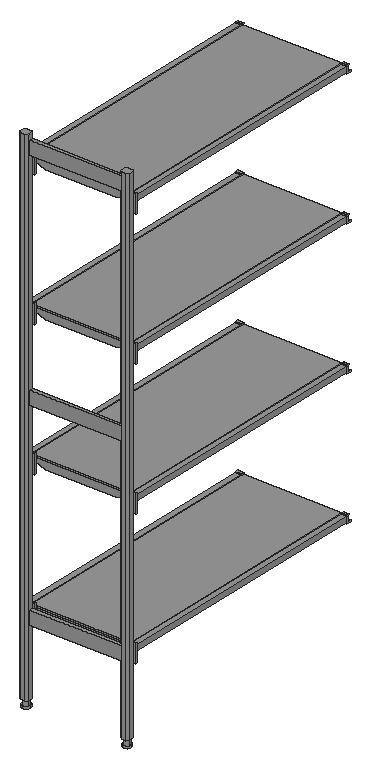
Revit family "QF_ELECTROLUXPROFESSIONAL_137052_ACS918", category Attrezzature speciali, Revit 2020
Family settings
  Quota connettore circolare = Usa diametro
  Tipo di parte = Normale
  Basato su piano di lavoro = No
  Sempre verticale = Sì
  Taglio con vuoti quando caricato = No
  Condiviso = No
  Punto di calcolo locali = No
Parameters (values of type "Standard")
  Weight = 15.00 kg
  Watts = 0 W
  Volts = 0 V
  URL Manufacturer = "https://www.electroluxprofessional.com/"
  URL = "https://www.electroluxprofessional.com/"
  Steam Supply Size = 0 mm
  Steam Supply Minimum Pressure = 0.0 Pa
  Steam Supply Maximum Pressure = 0.0 Pa
  Steam Consumption per Hour = 0
  Refrigeration Suction Line Size = 0.0 mm
  Refrigeration Liquid Line Size = 0.0 mm
  Refrigerant Compressor Remote = yes
  Prospetto di default = 0.0 mm
  Phase = 0
  Modello = "ACS918"
  Produttore = "Electrolux Professional"
  Length Actual = 922.0 mm  # constant formula
  Item Number = "137052"
  Hot Water Size = 0 mm
  Height Actual = 1700.0 mm  # constant formula
  HP = "0 HP"
  Gas Size = 0 mm
  Gas KW = 0
  Gas Input Pressure = 0 W
  Direct Waste Size = 0 mm
  Descrizione = "ALUM.CORNER SHELV.-POLY.TIERS-373X922MM"
  Depth Actual = 373.0 mm  # constant formula
  Cycle = 0 Hz
  Condensate Return Size = 0 mm
  Compressed Air Volume = 0.0 L/s
  Compressed Air Size = 0 mm
  Compressed Air Pressure = 0.0 Pa
  Cold Water Size = 0 mm
  Accessory = yes
Reference planes
  plane 1: z = 0
  plane 2 "Center (F/B)": y = -163.5
  plane 3 "Front": y = -549.5
  plane 4 "Left": x = -217.5
  plane 5 "Right": x = 155.5
  plane 6 "TOP": z = 1700
  plane 7: y = -517.5
  plane 8: y = 368.5
  plane 9 "Center (Left/Right)": x = -31
  plane 10: y = 363.5
  plane 11: x = -186
  plane 12: x = 124
  plane 13 "FEET": z = 25
  plane 14: z = 275
  plane 15: z = 725
  plane 16: z = 1175
  plane 17: z = 1625
  plane 18 "CXLeft": y = -535.5
  plane 19: x = -200
  plane 20 "CYBack": x = -200
  plane 21 "CYFront": x = 138
  plane 22 "Back": y = 372.5
  plane 23 "LEFT_ORIGIN": x = -251.5
  plane 24 "BACK_Origin": y = 745.5
Forms (mm)
  Extrusion 1, solid, material "QF_Aluminum"
    sketch origin (0, -549.5, 0) x (-1, 0, 0) y (0, 0, 1)
      loop
        line (198.5, 1650.994) -> (198.5, 1632.998) -> (217.5, 1632.998) -> (217.5, 1650.994) -> (198.5, 1650.994)
      loop
        line (-136.5, 1650.994) -> (-155.5, 1650.994) -> (-155.5, 1632.998) -> (-136.5, 1632.998) -> (-136.5, 1650.994)
      loop
        line (198.5, 1200.994) -> (198.5, 1182.998) -> (217.5, 1182.998) -> (217.5, 1200.994) -> (198.5, 1200.994)
      loop
        line (-136.5, 1200.994) -> (-155.5, 1200.994) -> (-155.5, 1182.998) -> (-136.5, 1182.998) -> (-136.5, 1200.994)
      loop
        line (198.5, 750.994) -> (198.5, 732.998) -> (217.5, 732.998) -> (217.5, 750.994) -> (198.5, 750.994)
      loop
        line (-136.5, 750.994) -> (-155.5, 750.994) -> (-155.5, 732.998) -> (-136.5, 732.998) -> (-136.5, 750.994)
      loop
        line (198.5, 300.994) -> (198.5, 282.998) -> (217.5, 282.998) -> (217.5, 300.994) -> (198.5, 300.994)
      loop
        line (-136.5, 300.994) -> (-155.5, 300.994) -> (-155.5, 282.998) -> (-136.5, 282.998) -> (-136.5, 300.994)
    from 32 to 918
  Extrusion 2, solid, material "QF_Polyethylene"
    sketch origin (0, -549.5, 0) x (-1, 0, 0) y (0, 0, 1)
      loop
        line (196.507, 1650.994) -> (-134.5, 1650.994) -> (-134.5, 1644.496) -> (196.507, 1644.496) -> (196.507, 1650.994)
      loop
        line (196.507, 1200.994) -> (-134.5, 1200.994) -> (-134.5, 1194.496) -> (196.507, 1194.496) -> (196.507, 1200.994)
      loop
        line (196.507, 750.994) -> (-134.5, 750.994) -> (-134.5, 744.496) -> (196.507, 744.496) -> (196.507, 750.994)
      loop
        line (196.507, 300.994) -> (-134.5, 300.994) -> (-134.5, 294.496) -> (196.507, 294.496) -> (196.507, 300.994)
    from 32 to 918
Lines and regions (mm)
  symbolic lines
    curve 1: line (-198.5, 368.5, 1700) -> (-198.5, -517.5, 1700)
    curve 2: line (-217.5, -521.5, 1700) -> (-217.5, 368.5, 1700)
    curve 3: line (155.5, -521.5, 1700) -> (155.5, 368.5, 1700)
    curve 4: line (-181.507, -517.5, 1700) -> (119.507, -517.5, 1700)
    curve 5: line (136.5, -517.5, 1700) -> (136.5, 368.5, 1700)
    curve 6: line (-198.5, 368.5, 1700) -> (136.5, 368.5, 1700)
Dimensions and locks
  plane 3 "Front" to plane 2 "Center (F/B)" = 386.0 mm
  locked: plane 6 "TOP" to level at 1700
  locked: plane 4 "Left" to plane 5 "Right" at 373
  locked: plane 7 to plane 8 at 886
  locked: plane 3 "Front" to plane 7 at 32
  plane 10 to plane 8 = 5.0 mm
  locked: plane 11 to plane 12 at 310
  equal spacing: plane 11, plane 9 "Center (Left/Right)", plane 12
  equal spacing: plane 4 "Left", plane 9 "Center (Left/Right)", plane 5 "Right"
  plane 13 "FEET" to level = 25.0 mm
  plane 6 "TOP" to plane 13 "FEET" = 1675.0 mm
  plane 14 to plane 13 "FEET" = 250.0 mm
  plane 15 to plane 14 = 450.0 mm
  plane 16 to plane 15 = 450.0 mm
  plane 17 to plane 16 = 450.0 mm
  locked: plane 3 "Front" to plane 18 "CXLeft" at 14
  locked: plane 3 "Front" to plane 22 "Back" at 922
  plane 23 "LEFT_ORIGIN" to plane 5 "Right" = 407.0 mm
  locked: plane 22 "Back" to plane 24 "BACK_Origin" at 373
  aligned and locked: level to plane 1
  aligned and locked: Extrusion 2 to plane 7
  aligned and locked: plane 8 to Extrusion 2
  aligned and locked: Extrusion 1 to plane 7
  aligned and locked: plane 8 to Extrusion 1
  aligned and locked: Extrusion 1 sketch curve to Extrusion 1 sketch curve  (x2)
  aligned and locked: nested 1 to plane 18 "CXLeft"
  aligned and locked: nested 2 to plane 10
Automatic sketch dimensions
  curve 2 to plane 4 "Left" = 0.0 mm
  curve 3 to plane 5 "Right" = 0.0 mm
  plane 7 to curve 1 = 0.0 mm
  plane 7 to curve 4 = 0.0 mm
  plane 7 to curve 5 = 0.0 mm
  plane 8 to curve 2 = 0.0 mm
  plane 8 to curve 1 = 0.0 mm
  plane 8 to curve 3 = 0.0 mm
  plane 21 "CYFront" to curve 5 = 1.5 mm
  plane 19 to curve 6 = 1.5 mm
  plane 7 to curve 3 = 4.0 mm
  plane 7 to curve 2 = 4.0 mm
  plane 12 to curve 4 = 4.493 mm
  curve 4 to plane 11 = 4.493 mm
  plane 5 "Right" to Extrusion 1 sketch curve = 0.0 mm  (x4)
  plane 4 "Left" to Extrusion 1 sketch curve = 0.0 mm  (x4)
  plane 21 "CYFront" to Extrusion 1 sketch curve = 1.5 mm  (x2)
  plane 19 to Extrusion 1 sketch curve = 1.5 mm  (x4)
  plane 14 to Extrusion 1 sketch curve = 7.998 mm  (x2)
  Extrusion 1 sketch curve to Extrusion 1 sketch curve = 17.997 mm  (x8)
  plane 15 to Extrusion 1 sketch curve = 7.998 mm  (x2)
  plane 16 to Extrusion 1 sketch curve = 7.998 mm  (x2)
  plane 17 to Extrusion 1 sketch curve = 7.998 mm  (x2)
  plane 21 "CYFront" to Extrusion 2 sketch curve = 3.5 mm  (x4)
  plane 19 to Extrusion 2 sketch curve = 3.493 mm  (x4)
  plane 14 to Extrusion 2 sketch curve = 19.496 mm
  Extrusion 2 sketch curve to Extrusion 2 sketch curve = 6.499 mm  (x4)
  plane 15 to Extrusion 2 sketch curve = 19.496 mm
  plane 16 to Extrusion 2 sketch curve = 19.496 mm
  plane 17 to Extrusion 2 sketch curve = 19.496 mm
Nested families
  nested 1: "WT_Anta373" at (-194.5, -132.5, 0) x (0, 1, 0) z (0, 0, 1), type "WT_Anta373"
  nested 2: "WT_Aggancio373" at (-194.5, 780.5, 0) x (0, 1, 0) z (0, 0, 1), type "WT_Aggancio373"
Definition of nested family "WT_Anta373"
  Parameters
    WidthLeft = A + 64.0 mm  # 772.0 mm
    Width = 1606.0 mm
    Right = WidthLeft / 2  # 386.0 mm
    Default Elevation = 0.0 mm
    Left = -WidthLeft / 2  # -386.0 mm
    Height = 1725.0 mm
    FEET = 25.0 mm
    E = 0.0 mm
    Dint = Depth - 63.0 mm  # 310.0 mm
    Dext = Depth - 8.0 mm  # 365.0 mm
    Depth = 373.0 mm
    DX = (WidthLeft - A) / 2  # 32.0 mm
    B = 798.0 mm
    A = 708.0 mm
  Reference planes
    plane 1: z = 0
    plane 2 "LEFT": x = -417
    plane 3 "BACK": y = 23
    plane 4 "FRONT": y = -350
    plane 5 "TOP": z = 1725
    plane 6 "Center (Front/Back)": y = -163.5
    plane 7: y = -8.5
    plane 8: y = -318.5
    plane 9 "FEET": z = 25
    plane 10: z = 275
    plane 11: z = 725
    plane 12: z = 1175
    plane 13: z = 1625
    plane 14 "CXLeft": x = -403
    plane 15: y = 5.5
    plane 16 "CYBack": y = 5.5
    plane 17 "CYFront": y = -332.5
    plane 18: x = -385.031
    plane 19: x = -380.031
  Forms (mm)
    Extrusion 1, solid
      sketch origin (0, 0, 0) x (1, 0, 0) y (0, 1, 0)
        loop
          line (-417, 13.246) -> (-417, -2.246) -> (-410.746, -8.5) -> (-395.254, -8.5) -> (-389, -2.246) -> (-389, 13.246) -> (-395.254, 19.5) -> (-410.746, 19.5) -> (-417, 13.246)
      from 1725 to 25
    Extrusion 2, solid
      sketch origin (-417, 0, 0) x (0, 1, 0) y (0, 0, 1)
        loop
          line (23, 246.005) -> (23, 307.993) -> (-12.993, 307.993) -> (-12.993, 246.005) -> (23, 246.005)
        loop
          line (-350, 246.005) -> (-314.007, 246.005) -> (-314.007, 307.993) -> (-350, 307.993) -> (-350, 246.005)
        loop
          line (23, 696.005) -> (23, 757.993) -> (-12.993, 757.993) -> (-12.993, 696.005) -> (23, 696.005)
        loop
          line (-350, 696.005) -> (-314.007, 696.005) -> (-314.007, 757.993) -> (-350, 757.993) -> (-350, 696.005)
        loop
          line (23, 1146.005) -> (23, 1207.993) -> (-12.993, 1207.993) -> (-12.993, 1146.005) -> (23, 1146.005)
        loop
          line (-350, 1146.005) -> (-314.007, 1146.005) -> (-314.007, 1207.993) -> (-350, 1207.993) -> (-350, 1146.005)
        loop
          line (23, 1596.005) -> (23, 1657.993) -> (-12.993, 1657.993) -> (-12.993, 1596.005) -> (23, 1596.005)
        loop
          line (-350, 1596.005) -> (-314.007, 1596.005) -> (-314.007, 1657.993) -> (-350, 1657.993) -> (-350, 1596.005)
      from 28 to 32
    Revolve 3, solid
      sketch origin (-403, 0, 0) x (0, 1, 0) y (0, 0, 1)
        loop
          line (5.5, 25) -> (5.5, 0) -> (19, 0) -> (19, 5) -> (14, 5) -> (14, 25) -> (5.5, 25)
        axis (5.5, 25) -> (5.5, 0)
      angle from 0 to 360
    Extrusion 4, solid
      sketch origin (-403, 0, 0) x (0, 1, 0) y (0, 0, 1)
        loop
          line (-8.5, 912.382) -> (-8.5, 957.374) -> (-318.5, 957.374) -> (-318.5, 912.382) -> (-8.5, 912.382)
        loop
          line (-8.5, 1662.244) -> (-8.5, 1707.236) -> (-318.5, 1707.236) -> (-318.5, 1662.244) -> (-8.5, 1662.244)
      from -5 to 5
    Revolve 5, solid
      sketch origin (-403, -627, 0) x (0, -1, 0) y (0, 0, 1)
        loop
          line (-294.5, 25) -> (-294.5, 0) -> (-281, 0) -> (-281, 5) -> (-286, 5) -> (-286, 25) -> (-294.5, 25)
        axis (-294.5, 25) -> (-294.5, 0)
      angle from 0 to 360
    Extrusion 6, solid
      sketch origin (0, -627, 0) x (1, 0, 0) y (0, 1, 0)
        loop
          line (-417, 286.754) -> (-410.746, 280.5) -> (-395.254, 280.5) -> (-389, 286.754) -> (-389, 302.246) -> (-395.254, 308.5) -> (-410.746, 308.5) -> (-417, 302.246) -> (-417, 286.754)
      from 1725 to 25
    Extrusion 7, solid
      sketch origin (-417.031, -0.022, 0) x (0, 1, 0) y (0, 0, -1)
        loop
          line (-12, -1632.998) -> (-46, -1620.994) -> (-281, -1620.994) -> (-315, -1632.998) -> (-331, -1632.998) -> (-331, -1650.994) -> (-329, -1650.994) -> (-329, -1644.496) -> (2.007, -1644.496) -> (2.007, -1650.994) -> (4, -1650.994) -> (4, -1632.998) -> (-12, -1632.998)
        loop
          line (-12, -1182.998) -> (-46, -1170.994) -> (-281, -1170.994) -> (-315, -1182.998) -> (-331, -1182.998) -> (-331, -1200.994) -> (-329, -1200.994) -> (-329, -1194.496) -> (2.007, -1194.496) -> (2.007, -1200.994) -> (4, -1200.994) -> (4, -1182.998) -> (-12, -1182.998)
        loop
          line (-12, -732.998) -> (-46, -720.994) -> (-281, -720.994) -> (-315, -732.998) -> (-331, -732.998) -> (-331, -750.994) -> (-329, -750.994) -> (-329, -744.496) -> (2.007, -744.496) -> (2.007, -750.994) -> (4, -750.994) -> (4, -732.998) -> (-12, -732.998)
        loop
          line (-12, -282.998) -> (-46, -270.994) -> (-281, -270.994) -> (-315, -282.998) -> (-331, -282.998) -> (-331, -300.994) -> (-329, -300.994) -> (-329, -294.496) -> (2.007, -294.496) -> (2.007, -300.994) -> (4, -300.994) -> (4, -282.998) -> (-12, -282.998)
      from -32 to -37
    Extrusion 8, solid
      sketch origin (-403, 0, -659.878) x (0, 1, 0) y (0, 0, 1)
        loop
          line (-8.5, 912.382) -> (-8.5, 957.374) -> (-318.5, 957.374) -> (-318.5, 912.382) -> (-8.5, 912.382)
        loop
          line (-8.5, 1572.382) -> (-8.5, 1617.374) -> (-318.5, 1617.374) -> (-318.5, 1572.382) -> (-8.5, 1572.382)
        loop
          line (-8.5, 2322.382) -> (-8.5, 2367.374) -> (-318.5, 2367.374) -> (-318.5, 2322.382) -> (-8.5, 2322.382)
      from -5 to 5
  Lines and regions (mm)
    symbolic lines
      curve 1: line (-408, -8.5, 1725) -> (-408, -318.5, 1725)
      curve 2: line (-398, -318.5, 1725) -> (-398, -8.5, 1725)
      curve 3: line (-395.254, -8.5, 1725) -> (-410.746, -8.5, 1725)
      curve 4: line (-417, -2.246, 1725) -> (-410.746, -8.5, 1725)
      curve 5: line (-417, 13.246, 1725) -> (-417, -2.246, 1725)
      curve 6: line (-410.746, 19.5, 1725) -> (-417, 13.246, 1725)
      curve 7: line (-395.254, 19.5, 1725) -> (-410.746, 19.5, 1725)
      curve 8: line (-389, 13.246, 1725) -> (-395.254, 19.5, 1725)
      curve 9: line (-395.254, -8.5, 1725) -> (-389, -2.246, 1725)
      curve 10: line (-395.254, -318.5, 1725) -> (-410.746, -318.5, 1725)
      curve 11: line (-417, -324.754, 1725) -> (-410.746, -318.5, 1725)
      curve 12: line (-410.746, -346.5, 1725) -> (-417, -340.246, 1725)
      curve 13: line (-395.254, -346.5, 1725) -> (-410.746, -346.5, 1725)
      curve 14: line (-389, -340.246, 1725) -> (-395.254, -346.5, 1725)
      curve 15: line (-395.254, -318.5, 1725) -> (-389, -324.754, 1725)
      curve 16: line (-389, -350, 1725) -> (-389, -314.007, 1725)
      curve 17: line (-389, -314.007, 1725) -> (-385, -314.007, 1725)
      curve 18: line (-389, 23, 1725) -> (-389, -12.993, 1725)
      curve 19: line (-389, -12.993, 1725) -> (-385, -12.993, 1725)
      curve 20: line (-417, -324.754, 1725) -> (-417, -340.246, 1725)
      curve 21: line (-385, -350, 1725) -> (-385, -314.007, 1725)
      curve 22: line (-385, -350, 1725) -> (-389, -350, 1725)
      curve 23: line (-385, 23, 1725) -> (-389, 23, 1725)
      curve 24: line (-385, -12.993, 1725) -> (-385, 23, 1725)
      curve 25: line (-385.031, -13.016, 1725) -> (-385.031, -314.029, 1725)
  Dimensions and locks
    "Height": plane 5 "TOP" to level
    "Depth": plane 3 "BACK" to plane 4 "FRONT"
    "Dint": plane 7 to plane 8
    equal spacing: plane 7, plane 6 "Center (Front/Back)", plane 8
    equal spacing: plane 3 "BACK", plane 6 "Center (Front/Back)", plane 4 "FRONT"
    plane 9 "FEET" to level = 25.0 mm
    plane 5 "TOP" to plane 9 "FEET" = 1700.0 mm
    plane 10 to plane 9 "FEET" = 250.0 mm
    plane 11 to plane 10 = 450.0 mm
    plane 12 to plane 11 = 450.0 mm
    plane 13 to plane 12 = 450.0 mm
    locked: plane 2 "LEFT" to plane 14 "CXLeft" at 14
    locked: plane 3 "BACK" to plane 16 "CYBack" at 17.5
    locked: plane 17 "CYFront" to plane 4 "FRONT" at 17.5
    locked: Revolve 3 sketch curve to Revolve 3 sketch curve at 8.5
    locked: Revolve 3 sketch curve to plane 16 "CYBack" at 13.5
    locked: Revolve 5 sketch curve to Revolve 5 sketch curve at 8.5
    aligned and locked: level to plane 1
    aligned and locked: curve 20 to Extrusion 6
    aligned and locked: plane 5 "TOP" to Extrusion 1
    aligned and locked: plane 5 "TOP" to Extrusion 6
    aligned and locked: Extrusion 7 sketch curve to Extrusion 7 sketch curve  (x3)
  Automatic sketch dimensions
    curve 16 to plane 4 "FRONT" = 0.0 mm
    curve 11 to plane 8 = 0.0 mm
    curve 9 to plane 7 = 0.0 mm
    curve 5 to plane 2 "LEFT" = 0.0 mm
    curve 23 to plane 3 "BACK" = 0.0 mm
    plane 4 "FRONT" to curve 13 = 3.5 mm
    curve 20 to plane 17 "CYFront" = 7.746 mm
    curve 20 to plane 8 = 6.254 mm
    plane 8 to curve 16 = 4.493 mm
    curve 24 to plane 18 = 0.031 mm
    curve 24 to plane 7 = 4.493 mm
    plane 7 to curve 5 = 6.254 mm
    curve 5 to plane 15 = 7.746 mm
    curve 6 to plane 3 "BACK" = 3.5 mm
    curve 21 to plane 18 = 0.031 mm
    plane 18 to curve 23 = 3.969 mm
    plane 18 to curve 16 = 3.969 mm
    curve 18 to curve 8 = 6.254 mm
    curve 18 to curve 3 = 6.254 mm
    curve 16 to curve 13 = 6.254 mm
    curve 16 to curve 15 = 6.254 mm
    plane 2 "LEFT" to curve 10 = 6.254 mm
    plane 2 "LEFT" to curve 7 = 6.254 mm
    plane 2 "LEFT" to curve 12 = 6.254 mm
    plane 2 "LEFT" to curve 3 = 6.254 mm
    curve 14 to plane 17 "CYFront" = 7.746 mm
    curve 15 to plane 8 = 6.254 mm
    plane 7 to curve 9 = 6.254 mm
    curve 8 to plane 15 = 7.746 mm
    curve 3 to curve 2 = 2.746 mm
    curve 1 to curve 10 = 2.746 mm
    Extrusion 1 sketch curve to plane 2 "LEFT" = 0.0 mm
    Extrusion 1 sketch curve to plane 7 = 0.0 mm
    plane 2 "LEFT" to Extrusion 1 sketch curve = 6.254 mm  (x2)
    plane 14 "CXLeft" to Extrusion 1 sketch curve = 7.746 mm  (x2)
    Extrusion 1 sketch curve to plane 3 "BACK" = 3.5 mm
    plane 18 to Extrusion 1 sketch curve = 3.969 mm
    plane 7 to Extrusion 1 sketch curve = 6.254 mm  (x2)
    Extrusion 1 sketch curve to plane 15 = 7.746 mm  (x2)
    Extrusion 2 sketch curve to plane 4 "FRONT" = 0.0 mm  (x4)
    Extrusion 2 sketch curve to plane 3 "BACK" = 0.0 mm  (x4)
    plane 8 to Extrusion 2 sketch curve = 4.493 mm  (x4)
    Extrusion 2 sketch curve to plane 7 = 4.493 mm  (x4)
    Extrusion 2 sketch curve to plane 10 = 28.995 mm  (x2)
    plane 10 to Extrusion 2 sketch curve = 32.993 mm  (x2)
    Extrusion 2 sketch curve to plane 11 = 28.995 mm  (x2)
    plane 11 to Extrusion 2 sketch curve = 32.993 mm  (x2)
    Extrusion 2 sketch curve to plane 12 = 28.995 mm  (x2)
    plane 12 to Extrusion 2 sketch curve = 32.993 mm  (x2)
    Extrusion 2 sketch curve to plane 13 = 28.995 mm  (x2)
    plane 13 to Extrusion 2 sketch curve = 32.993 mm  (x2)
    Revolve 3 sketch curve to plane 9 "FEET" = 0.0 mm  (x2)
    Revolve 3 sketch curve to plane 15 = 0.0 mm  (x2)
    Revolve 3 sketch curve to level = 0.0 mm
    level to Revolve 3 sketch curve = 5.0 mm
    Revolve 3 sketch curve to Revolve 3 sketch curve = 11.655 mm
    Extrusion 4 sketch curve to plane 8 = 0.0 mm  (x2)
    Extrusion 4 sketch curve to plane 7 = 0.0 mm  (x2)
    plane 11 to Extrusion 4 sketch curve = 187.382 mm
    Extrusion 4 sketch curve to Extrusion 4 sketch curve = 44.992 mm
    plane 13 to Extrusion 4 sketch curve = 37.244 mm
    Extrusion 4 sketch curve to plane 5 "TOP" = 17.764 mm
    Revolve 5 sketch curve to plane 9 "FEET" = 0.0 mm  (x2)
    Revolve 5 sketch curve to plane 17 "CYFront" = 0.0 mm  (x2)
    Revolve 5 sketch curve to level = 0.0 mm
    Revolve 5 sketch curve to plane 4 "FRONT" = 4.0 mm
    Revolve 5 sketch curve to Revolve 5 sketch curve = 5.0 mm
    level to Revolve 5 sketch curve = 11.655 mm
    Extrusion 6 sketch curve to plane 2 "LEFT" = 0.0 mm
    Extrusion 6 sketch curve to plane 8 = 0.0 mm
    Extrusion 6 sketch curve to plane 2 "LEFT" = 6.254 mm  (x2)
    Extrusion 6 sketch curve to plane 14 "CXLeft" = 7.746 mm  (x2)
    Extrusion 6 sketch curve to plane 4 "FRONT" = 3.5 mm
    Extrusion 6 sketch curve to plane 18 = 3.969 mm
    plane 8 to Extrusion 6 sketch curve = 6.254 mm  (x2)
    plane 17 "CYFront" to Extrusion 6 sketch curve = 7.746 mm  (x2)
    plane 17 "CYFront" to Extrusion 7 sketch curve = 1.478 mm  (x4)
    Extrusion 7 sketch curve to Extrusion 7 sketch curve = 2.0 mm
    plane 8 to Extrusion 7 sketch curve = 3.478 mm  (x4)
    Extrusion 7 sketch curve to plane 10 = 4.006 mm
    Extrusion 7 sketch curve to Extrusion 7 sketch curve = 34.0 mm  (x4)
    Extrusion 7 sketch curve to plane 11 = 4.006 mm
    Extrusion 7 sketch curve to plane 12 = 4.006 mm
    Extrusion 7 sketch curve to plane 13 = 4.006 mm
    Extrusion 7 sketch curve to plane 7 = 37.522 mm  (x4)
    Extrusion 7 sketch curve to plane 7 = 3.522 mm  (x4)
    plane 15 to Extrusion 7 sketch curve = 3.516 mm  (x4)
    plane 15 to Extrusion 7 sketch curve = 1.522 mm  (x4)
    plane 13 to Extrusion 7 sketch curve = 7.998 mm  (x2)
    Extrusion 7 sketch curve to Extrusion 7 sketch curve = 11.498 mm
    Extrusion 7 sketch curve to Extrusion 7 sketch curve = 6.499 mm  (x5)
    plane 12 to Extrusion 7 sketch curve = 25.994 mm  (x2)
    plane 12 to Extrusion 7 sketch curve = 7.998 mm  (x2)
    plane 11 to Extrusion 7 sketch curve = 25.994 mm  (x2)
    plane 11 to Extrusion 7 sketch curve = 7.998 mm  (x2)
    plane 10 to Extrusion 7 sketch curve = 25.994 mm  (x2)
    plane 10 to Extrusion 7 sketch curve = 7.998 mm  (x2)
    curve 25 to plane 18 = 0.0 mm
    plane 8 to curve 25 = 4.471 mm
    curve 25 to plane 7 = 4.516 mm
    Extrusion 8 sketch curve to plane 8 = 0.0 mm  (x3)
    Extrusion 8 sketch curve to plane 7 = 0.0 mm  (x3)
    Extrusion 8 sketch curve to plane 10 = 22.496 mm
    plane 10 to Extrusion 8 sketch curve = 22.496 mm
    plane 11 to Extrusion 8 sketch curve = 187.504 mm
    Extrusion 8 sketch curve to Extrusion 8 sketch curve = 44.992 mm
    plane 13 to Extrusion 8 sketch curve = 37.504 mm
    Extrusion 8 sketch curve to plane 5 "TOP" = 17.504 mm
Definition of nested family "WT_Aggancio373"
  Parameters
    WidthLeft = A + 64.0 mm  # 772.0 mm
    Width = 1606.0 mm
    Right = WidthLeft / 2  # 386.0 mm
    Default Elevation = 0.0 mm
    Left = -WidthLeft / 2  # -386.0 mm
    Height = 1725.0 mm
    FEET = 25.0 mm
    E = 0.0 mm
    Dint = Depth - 63.0 mm  # 310.0 mm
    Dext = Depth - 8.0 mm  # 365.0 mm
    Depth = 373.0 mm
    DX = (WidthLeft - A) / 2  # 32.0 mm
    B = 798.0 mm
    A = 708.0 mm
  Reference planes
    plane 1: z = 0
    plane 2 "LEFT": x = -417
    plane 3 "BACK": y = 23
    plane 4 "FRONT": y = -350
    plane 5 "TOP": z = 1725
    plane 6 "Center (Front/Back)": y = -163.5
    plane 7: y = -8.5
    plane 8: y = -318.5
    plane 9 "FEET": z = 25
    plane 10: z = 275
    plane 11: z = 725
    plane 12: z = 1175
    plane 13: z = 1625
    plane 14: y = 5.5
    plane 15 "CYBack": y = 5.5
    plane 16 "CYFront": y = -332.5
  Forms (mm)
    Extrusion 1, solid
      sketch origin (-380, -0.022, 0) x (0, 1, 0) y (0, 0, 1)
        loop
          line (-12, 1632.998) -> (4, 1632.998) -> (4, 1650.994) -> (2.007, 1650.994) -> (2.007, 1644.496) -> (-329, 1644.496) -> (-329, 1650.994) -> (-331, 1650.994) -> (-331, 1632.998) -> (-315, 1632.998) -> (-281, 1620.994) -> (-46, 1620.994) -> (-12, 1632.998)
        loop
          line (-12, 1182.998) -> (4, 1182.998) -> (4, 1200.994) -> (2.007, 1200.994) -> (2.007, 1194.496) -> (-329, 1194.496) -> (-329, 1200.994) -> (-331, 1200.994) -> (-331, 1182.998) -> (-315, 1182.998) -> (-281, 1170.994) -> (-46, 1170.994) -> (-12, 1182.998)
        loop
          line (-12, 732.998) -> (4, 732.998) -> (4, 750.994) -> (2.007, 750.994) -> (2.007, 744.496) -> (-329, 744.496) -> (-329, 750.994) -> (-331, 750.994) -> (-331, 732.998) -> (-315, 732.998) -> (-281, 720.994) -> (-46, 720.994) -> (-12, 732.998)
        loop
          line (-12, 282.998) -> (4, 282.998) -> (4, 300.994) -> (2.007, 300.994) -> (2.007, 294.496) -> (-329, 294.496) -> (-329, 300.994) -> (-331, 300.994) -> (-331, 282.998) -> (-315, 282.998) -> (-281, 270.994) -> (-46, 270.994) -> (-12, 282.998)
      from -32 to -37
    Extrusion 2, solid
      sketch origin (-793.062, -324.754, 6.5) x (1, 0, 0) y (0, 0, 1)
        loop
          line (385.062, 1644.496) -> (385.062, 1647.496) -> (376.062, 1647.496) -> (376.062, 1620.994) -> (390.031, 1620.994) -> (390.031, 1626.496) -> (381.062, 1626.496) -> (381.062, 1644.496) -> (385.062, 1644.496)
        loop
          line (385.062, 1194.496) -> (385.062, 1197.496) -> (376.062, 1197.496) -> (376.062, 1170.994) -> (390.031, 1170.994) -> (390.031, 1176.496) -> (381.062, 1176.496) -> (381.062, 1194.496) -> (385.062, 1194.496)
        loop
          line (385.062, 744.496) -> (385.062, 747.496) -> (376.062, 747.496) -> (376.062, 720.994) -> (390.031, 720.994) -> (390.031, 726.496) -> (381.062, 726.496) -> (381.062, 744.496) -> (385.062, 744.496)
        loop
          line (385.062, 294.496) -> (385.062, 297.496) -> (376.062, 297.496) -> (376.062, 270.994) -> (390.031, 270.994) -> (390.031, 276.496) -> (381.062, 276.496) -> (381.062, 294.496) -> (385.062, 294.496)
      from 6.268 to 25.246
    Extrusion 3, solid
      sketch origin (-793.062, 32.754, 6.5) x (1, 0, 0) y (0, 0, 1)
        loop
          line (385.062, 1644.496) -> (385.062, 1647.496) -> (376.062, 1647.496) -> (376.062, 1620.994) -> (390.031, 1620.994) -> (390.031, 1626.496) -> (381.062, 1626.496) -> (381.062, 1644.496) -> (385.062, 1644.496)
        loop
          line (385.062, 1194.496) -> (385.062, 1197.496) -> (376.062, 1197.496) -> (376.062, 1170.994) -> (390.031, 1170.994) -> (390.031, 1176.496) -> (381.062, 1176.496) -> (381.062, 1194.496) -> (385.062, 1194.496)
        loop
          line (385.062, 744.496) -> (385.062, 747.496) -> (376.062, 747.496) -> (376.062, 720.994) -> (390.031, 720.994) -> (390.031, 726.496) -> (381.062, 726.496) -> (381.062, 744.496) -> (385.062, 744.496)
        loop
          line (385.062, 294.496) -> (385.062, 297.496) -> (376.062, 297.496) -> (376.062, 270.994) -> (390.031, 270.994) -> (390.031, 276.496) -> (381.062, 276.496) -> (381.062, 294.496) -> (385.062, 294.496)
      from 9.754 to 28.776
  Lines and regions (mm)
    symbolic lines
      curve 1: line (-412, -350, 0) -> (-408, -350, 0)
      curve 2: line (-412, -331.022, 0) -> (-412, -350, 0)
      curve 3: line (-408, -331.022, 0) -> (-412, -331.022, 0)
      curve 4: line (-408, -350, 0) -> (-408, -331.022, 0)
      curve 5: line (-412, 3.978, 0) -> (-408, 3.978, 0)
      curve 6: line (-412, 23, 0) -> (-412, 3.978, 0)
      curve 7: line (-408, 23, 0) -> (-412, 23, 0)
      curve 8: line (-408, 3.978, 0) -> (-408, 23, 0)
  Dimensions and locks
    "Height": plane 5 "TOP" to level
    "Depth": plane 3 "BACK" to plane 4 "FRONT"
    "Dint": plane 7 to plane 8
    equal spacing: plane 7, plane 6 "Center (Front/Back)", plane 8
    equal spacing: plane 3 "BACK", plane 6 "Center (Front/Back)", plane 4 "FRONT"
    plane 9 "FEET" to level = 25.0 mm
    plane 5 "TOP" to plane 9 "FEET" = 1700.0 mm
    plane 10 to plane 9 "FEET" = 250.0 mm
    plane 11 to plane 10 = 450.0 mm
    plane 12 to plane 11 = 450.0 mm
    plane 13 to plane 12 = 450.0 mm
    locked: plane 3 "BACK" to plane 15 "CYBack" at 17.5
    locked: plane 16 "CYFront" to plane 4 "FRONT" at 17.5
    aligned and locked: level to plane 1
    aligned and locked: Extrusion 1 sketch curve to Extrusion 1 sketch curve  (x3)
  Automatic sketch dimensions
    plane 16 "CYFront" to Extrusion 1 sketch curve = 1.478 mm  (x4)
    Extrusion 1 sketch curve to Extrusion 1 sketch curve = 2.0 mm
    plane 8 to Extrusion 1 sketch curve = 3.478 mm  (x4)
    Extrusion 1 sketch curve to plane 10 = 4.006 mm
    Extrusion 1 sketch curve to Extrusion 1 sketch curve = 34.0 mm  (x4)
    Extrusion 1 sketch curve to plane 11 = 4.006 mm
    Extrusion 1 sketch curve to plane 12 = 4.006 mm
    Extrusion 1 sketch curve to plane 13 = 4.006 mm
    Extrusion 1 sketch curve to plane 7 = 37.522 mm  (x4)
    Extrusion 1 sketch curve to plane 7 = 3.522 mm  (x4)
    plane 14 to Extrusion 1 sketch curve = 3.516 mm  (x4)
    plane 14 to Extrusion 1 sketch curve = 1.522 mm  (x4)
    plane 10 to Extrusion 1 sketch curve = 7.998 mm  (x2)
    Extrusion 1 sketch curve to Extrusion 1 sketch curve = 11.498 mm  (x4)
    Extrusion 1 sketch curve to Extrusion 1 sketch curve = 6.499 mm  (x8)
    plane 11 to Extrusion 1 sketch curve = 7.998 mm  (x2)
    plane 12 to Extrusion 1 sketch curve = 7.998 mm  (x2)
    plane 13 to Extrusion 1 sketch curve = 7.998 mm  (x2)
    plane 2 "LEFT" to Extrusion 2 sketch curve = 0.0 mm  (x4)
    plane 13 to Extrusion 2 sketch curve = 7.996 mm
    plane 11 to Extrusion 2 sketch curve = 7.996 mm
    Extrusion 2 sketch curve to Extrusion 2 sketch curve = 5.0 mm  (x4)
    plane 11 to Extrusion 2 sketch curve = 2.494 mm
    plane 10 to Extrusion 2 sketch curve = 28.996 mm
    Extrusion 2 sketch curve to Extrusion 2 sketch curve = 3.0 mm  (x4)
    plane 10 to Extrusion 2 sketch curve = 7.996 mm
    plane 10 to Extrusion 2 sketch curve = 2.494 mm
    Extrusion 2 sketch curve to Extrusion 2 sketch curve = 18.0 mm  (x3)
    plane 12 to Extrusion 2 sketch curve = 2.494 mm
    plane 12 to Extrusion 2 sketch curve = 7.996 mm
    plane 13 to Extrusion 2 sketch curve = 2.494 mm
    plane 2 "LEFT" to Extrusion 3 sketch curve = 0.0 mm  (x4)
    plane 13 to Extrusion 3 sketch curve = 7.996 mm
    plane 11 to Extrusion 3 sketch curve = 7.996 mm
    Extrusion 3 sketch curve to Extrusion 3 sketch curve = 5.0 mm  (x4)
    plane 11 to Extrusion 3 sketch curve = 2.494 mm
    plane 10 to Extrusion 3 sketch curve = 28.996 mm
    Extrusion 3 sketch curve to Extrusion 3 sketch curve = 3.0 mm  (x4)
    plane 10 to Extrusion 3 sketch curve = 7.996 mm
    plane 10 to Extrusion 3 sketch curve = 2.494 mm
    Extrusion 3 sketch curve to Extrusion 3 sketch curve = 18.0 mm  (x3)
    plane 12 to Extrusion 3 sketch curve = 2.494 mm
    plane 12 to Extrusion 3 sketch curve = 7.996 mm
    plane 13 to Extrusion 3 sketch curve = 2.494 mm
    plane 2 "LEFT" to curve 1 = 5.0 mm
    plane 2 "LEFT" to curve 7 = 5.0 mm
    curve 1 to plane 16 "CYFront" = 17.5 mm
    curve 3 to plane 8 = 12.522 mm
    plane 7 to curve 5 = 12.478 mm
    curve 7 to plane 14 = 17.5 mm
    curve 5 to curve 5 = 4.0 mm
    curve 1 to curve 4 = 4.0 mm
    Extrusion 2 sketch curve to Extrusion 2 sketch curve = 4.0 mm  (x4)
    Extrusion 2 sketch curve to Extrusion 2 sketch curve = 8.969 mm  (x4)
    Extrusion 3 sketch curve to Extrusion 3 sketch curve = 4.0 mm  (x4)
    Extrusion 3 sketch curve to Extrusion 3 sketch curve = 8.969 mm  (x4)
